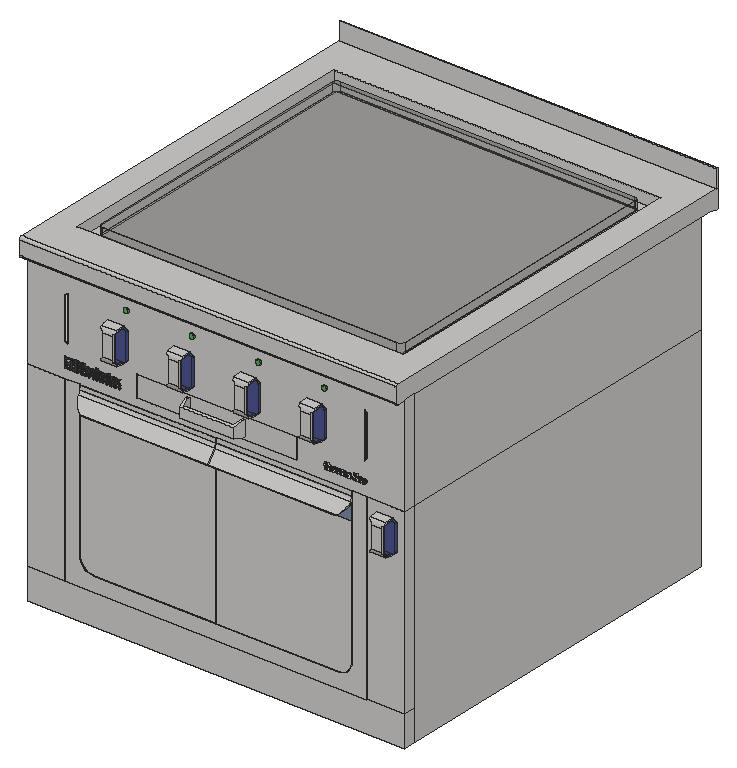
Revit family "QF_ELECTROLUXPROFESSIONAL_588707_MBLUGBH4AO", category Attrezzature speciali, Revit 2020
Family settings
  Quota connettore circolare = Usa diametro
  Tipo di parte = Normale
  Basato su piano di lavoro = No
  Sempre verticale = Sì
  Taglio con vuoti quando caricato = No
  Condiviso = No
  Punto di calcolo locali = No
Parameters (values of type "Standard")
  Weight = 149.00 kg
  Watts = 14300 W
  Volts = 400 V
  URL Manufacturer = "https://www.electroluxprofessional.com/"
  URL = "https://www.electroluxprofessional.com/"
  Steam Supply Size = 0"
  Steam Supply Minimum Pressure = 0.00 psi
  Steam Supply Maximum Pressure = 0.00 psi
  Steam Consumption per Hour = 0
  Refrigeration Suction Line Size = 0 mm
  Refrigeration Liquid Line Size = 0 mm
  Refrigerant Compressor Remote = yes
  Prospetto di default = 0 mm
  Phase = 3
  Modello = "MBLUGBH4AO"
  Produttore = "Electrolux Professional"
  Length Actual = 800 mm  # constant formula
  Item Number = "588707"
  Hot Water Size = 0"
  Height Actual = 700 mm  # constant formula
  HP = "19.2 HP"
  Gas Size = 0"
  Gas KW = 0
  Gas Input Pressure = 0.0 Btu/h
  Direct Waste Size = 0"
  Descrizione = "EL.SOLID T,ECO,WARM.NHC,1S,BS,800X850X7"
  Depth Actual = 850 mm  # constant formula
  Cycle = 50 Hz
  Condensate Return Size = 0"
  Compressed Air Volume = 0 GPM
  Compressed Air Size = 0"
  Compressed Air Pressure = 0.00 psi
  Cold Water Size = 0"
  Accessory = yes
Reference planes
  plane 1 "BACK": y = 50
  plane 2: z = 0
  plane 3 "LEFT": x = 0
  plane 4 "RIGHT": x = 800
  plane 5 "FRONT": y = -800
  plane 6 "TOP": z = 900
  plane 7 "Center (Left/Right)": x = 400
  plane 8: y = -375
  plane 9: z = 200
  plane 10: y = -150
  plane 11 "Panel": y = -755
  plane 12: z = 798
  plane 13: z = 1327
  plane 14: x = 78
  plane 15: x = 722
  plane 16: y = -100
  plane 17: y = -600
  plane 18 "EIx": x = 755
  plane 19 "EIy": y = -585
Forms (mm)
  Extrusion 1, solid, material "QF_Finishes_Stainless Steel"
    sketch origin (-178.969, -4572, 200) x (-1, 0, 0) y (0, -1, 0)
      loop
        line (-178.969, -4577) -> (-178.969, -3817) -> (-978.969, -3817) -> (-978.969, -4577) -> (-178.969, -4577)
    from 450 to 662.969
  Extrusion 2, solid, material "QF_Finishes_Stainless Steel"
    sketch origin (0, 0, 0) x (0, 1, 0) y (0, 0, 1)
      loop
        line (-755, 200) -> (-755, 265) -> (-780, 265) -> (-780, 200) -> (-755, 200)
    from 0 to 800
  Extrusion 3, solid, material "QF_Finishes_Stainless Steel"
    sketch origin (-588.969, -4562, 200) x (-1, 0, 0) y (0, -1, 0)
      loop
        circle (-1343.969, -3977) r 6.35
    from 0 to -11.851
  Extrusion 4, solid, material "QF_Finishes_Stainless Steel"
    sketch origin (400, 296.4, 1219.2) x (0, 1, 0) y (0, 0, 1)
      loop
        line (-246.4, -319.2) -> (-1091.4, -319.2)
        arc (-1091.4, -319.2) -> (-1094.935, -320.664) -> (-1096.4, -324.2) r 5
        line (-1096.4, -324.2) -> (-1096.4, -355.2)
        arc (-1096.4, -355.2) -> (-1094.971, -358.264) -> (-1091.705, -359.139) r 4
        line (-1091.705, -359.139) -> (-1076.4, -356.231) -> (-266.4, -356.231) -> (-251.094, -359.139)
        arc (-251.094, -359.139) -> (-247.829, -358.264) -> (-246.4, -355.2) r 4
        line (-246.4, -355.2) -> (-246.4, -319.2)
    from -400 to 400
  Extrusion 5, solid, material "QF_Finishes_Electrolux_Black Smoke Iluminated"
    sketch origin (0, 0, 900) x (-1, 0, 0) y (0, -1, 0)
      loop
        arc (-88, 59) -> (-80.929, 61.929) -> (-78, 69) r 10
        line (-78, 69) -> (-78, 680)
        arc (-78, 680) -> (-80.929, 687.071) -> (-88, 690) r 10
        line (-88, 690) -> (-712, 690)
        arc (-712, 690) -> (-719.071, 687.071) -> (-722, 680) r 10
        line (-722, 680) -> (-722, 69)
        arc (-722, 69) -> (-719.071, 61.929) -> (-712, 59) r 10
        line (-712, 59) -> (-88, 59)
    from 0 to -20
  Extrusion 6, solid, material "QF_Finishes_Stainless Steel"
    sketch origin (-178.969, -4572, 200) x (-1, 0, 0) y (0, -1, 0)
      loop
        line (-178.969, -4577) -> (-178.969, -3817) -> (-978.969, -3817) -> (-978.969, -4577) -> (-178.969, -4577)
    from 450 to 0
  Extrusion 7, void
    sketch origin (0, 0, 900) x (-1, 0, 0) y (0, -1, 0)
      loop
        line (-53, 715) -> (-747, 715) -> (-747, 34) -> (-53, 34) -> (-53, 715)
    from 0 to -25
  Extrusion 8, solid, material "QF_Finishes_Stainless Steel"
    sketch origin (0, 0, 900) x (-1, 0, 0) y (0, -1, 0)
      loop
        line (-82, 63) -> (-82, 686) -> (-718, 686) -> (-718, 63) -> (-82, 63)
    from -20 to -25
  Extrusion 9, solid, material "QF_Finishes_Stainless Steel"
    sketch origin (400, 297.4, 1219.2) x (0, 1, 0) y (0, 0, 1)
      loop
        line (-249.4, -319.2) -> (-247.4, -319.2) -> (-247.4, -281.2) -> (-249.4, -281.2) -> (-249.4, -319.2)
    from -400 to 400
  Extrusion 10, solid, material "QF_Finishes_Stainless Steel"
    sketch origin (0, 0, 150) x (0, 1, 0) y (0, 0, 1)
      loop
        line (-755, 50) -> (-755, 115) -> (-780, 115) -> (-780, 50) -> (-755, 50)
    from 0 to 800
  Extrusion 11, solid, material "QF_Finishes_Stainless Steel"
    sketch origin (7, -800, 0) x (1, 0, 0) y (0, 0, 1)
      loop
        line (103, 327) -> (103, 650) -> (73, 650) -> (73, 265) -> (713, 265) -> (713, 650) -> (683, 650) -> (683, 327)
        arc (683, 327) -> (673.627, 304.373) -> (651, 295) r 32
        line (651, 295) -> (135, 295)
        arc (135, 295) -> (112.373, 304.373) -> (103, 327) r 32
    from -45 to -20
  Extrusion 12, solid, material "QF_Finishes_Stainless Steel"
    sketch origin (0, -800, 0) x (1, 0, 0) y (0, 0, 1)
      loop
        line (80, 650) -> (0, 650) -> (0, 265) -> (80, 265) -> (80, 650)
      loop
        line (719.787, 650) -> (719.787, 265) -> (800, 265) -> (800, 650) -> (719.787, 650)
    from -20 to -45
Cuts and joins
  Extrusion 7 cuts Extrusion 4
Lines and regions (mm)
  symbolic lines
    curve 1: line (0, 50, 200) -> (800, 50, 200)
    curve 2: line (0, -800, 200) -> (0, 50, 200)
    curve 3: line (800, -800, 200) -> (0, -800, 200)
    curve 4: line (800, 50, 200) -> (800, -800, 200)
    curve 5: line (712, -59, 200) -> (88, -59, 200)
    curve 6: line (78, -69, 200) -> (78, -680, 200)
    curve 7: line (88, -690, 200) -> (712, -690, 200)
    curve 8: line (722, -680, 200) -> (722, -69, 200)
    curve 9: arc (88, -59, 200) -> (80.929, -61.929, 200) -> (78, -69, 200) r 10
    curve 10: arc (722, -69, 200) -> (719.071, -61.929, 200) -> (712, -59, 200) r 10
    curve 11: arc (712, -690, 200) -> (719.071, -687.071, 200) -> (722, -680, 200) r 10
    curve 12: arc (78, -680, 200) -> (80.929, -687.071, 200) -> (88, -690, 200) r 10
    curve 13: line (747, -34, 900) -> (53, -34, 900)
    curve 14: line (53, -34, 900) -> (53, -715, 900)
    curve 15: line (747, -715, 900) -> (747, -34, 900)
    curve 16: line (53, -715, 900) -> (747, -715, 900)
    curve 33: line (0, 48, 0) -> (800, 48, 0)
  model lines, style "SpecialityEquipment"
    curve 17: arc (584, -161, 900) -> (530.967, -289.033, 900) -> (659, -236, 900) r 75
    curve 18: line (639, -236, 900) -> (679, -236, 900)
    curve 19: line (679, -236, 900) -> (659, -216, 900)
    curve 20: line (639, -236, 900) -> (659, -216, 900)
    curve 21: arc (216, -161, 900) -> (162.967, -289.033, 900) -> (291, -236, 900) r 75
    curve 22: line (271, -236, 900) -> (311, -236, 900)
    curve 23: line (311, -236, 900) -> (291, -216, 900)
    curve 24: line (271, -236, 900) -> (291, -216, 900)
    curve 25: arc (584, -489, 900) -> (530.967, -617.033, 900) -> (659, -564, 900) r 75
    curve 26: line (639, -564, 900) -> (679, -564, 900)
    curve 27: line (679, -564, 900) -> (659, -544, 900)
    curve 28: line (639, -564, 900) -> (659, -544, 900)
    curve 29: arc (216, -489, 900) -> (162.967, -617.033, 900) -> (291, -564, 900) r 75
    curve 30: line (271, -564, 900) -> (311, -564, 900)
    curve 31: line (311, -564, 900) -> (291, -544, 900)
    curve 32: line (271, -564, 900) -> (291, -544, 900)
Dimensions and locks
  plane 3 "LEFT" to plane 4 "RIGHT" = 800 mm
  plane 5 "FRONT" to plane 1 "BACK" = 850 mm
  equal spacing: plane 3 "LEFT", plane 7 "Center (Left/Right)", plane 4 "RIGHT"
  equal spacing: plane 5 "FRONT", plane 8, plane 1 "BACK"
  plane 6 "TOP" to level = 900 mm  (x2)
  plane 9 to level = 200 mm
  plane 1 "BACK" to plane 10 to plane 11 "Panel" = 200 mm, 605 mm  (x2)
  plane 6 "TOP" to plane 9 to level = 700 mm, 200 mm
  plane 1 "BACK" to plane 5 "FRONT" = 850 mm
  plane 1 "BACK" to Extrusion 3 = 635 mm
  plane 12 to plane 9 = 598 mm
  plane 13 to plane 6 "TOP" = 427 mm
  plane 6 "TOP" to plane 12 = 102 mm
  plane 14 to plane 3 "LEFT" = 78 mm
  plane 15 to plane 4 "RIGHT" = 78 mm
  locked: plane 1 "BACK" to plane 16 at 150
  locked: plane 16 to plane 17 at 500
  plane 11 "Panel" to plane 5 "FRONT" = 45 mm
  plane 18 "EIx" to plane 4 "RIGHT" = 45 mm
  plane 19 "EIy" to plane 1 "BACK" = 635 mm
  aligned and locked: level to plane 2
  aligned and locked: Extrusion 2 to plane 4 "RIGHT"
  aligned and locked: Extrusion 11 to Extrusion 6
  aligned and locked: Extrusion 12 to Extrusion 6
Automatic sketch dimensions
  Extrusion 3 sketch curve to plane 18 "EIx" = 0 mm
  Extrusion 3 sketch curve to plane 19 "EIy" = 0 mm
  Extrusion 4 sketch curve to plane 5 "FRONT" = 0 mm
  Extrusion 4 sketch curve to plane 6 "TOP" = 0 mm
  Extrusion 4 sketch curve to plane 1 "BACK" = 0 mm
  Extrusion 4 sketch curve to plane 5 "FRONT" = 4 mm
  Extrusion 4 sketch curve to Extrusion 4 sketch curve = 0.695 mm
  Extrusion 4 sketch curve to plane 5 "FRONT" = 5 mm
  Extrusion 4 sketch curve to Extrusion 4 sketch curve = 15.305 mm
  plane 1 "BACK" to Extrusion 4 sketch curve = 20 mm
  plane 1 "BACK" to Extrusion 4 sketch curve = 4.695 mm
  Extrusion 4 sketch curve to Extrusion 4 sketch curve = 4 mm
  Extrusion 4 sketch curve to Extrusion 4 sketch curve = 31 mm
  Extrusion 4 sketch curve to plane 6 "TOP" = 36 mm
  Extrusion 4 sketch curve to Extrusion 4 sketch curve = 2.909 mm
  Extrusion 5 sketch curve to plane 15 = 0 mm
  Extrusion 5 sketch curve to plane 14 = 0 mm
  plane 15 to Extrusion 5 sketch curve = 10 mm  (x2)
  Extrusion 5 sketch curve to Extrusion 5 sketch curve = 10 mm  (x2)
  plane 10 to Extrusion 5 sketch curve = 91 mm
  plane 17 to Extrusion 5 sketch curve = 80 mm
  plane 18 "EIx" to Extrusion 7 sketch curve = 8 mm
  plane 14 to Extrusion 7 sketch curve = 25 mm
  plane 10 to Extrusion 7 sketch curve = 116 mm
  plane 11 "Panel" to Extrusion 7 sketch curve = 40 mm
  Extrusion 8 sketch curve to plane 14 = 4 mm
  plane 15 to Extrusion 8 sketch curve = 4 mm
  plane 17 to Extrusion 8 sketch curve = 86 mm
  plane 10 to Extrusion 8 sketch curve = 87 mm
  curve 20 to curve 17 = 55 mm
  curve 26 to curve 25 = 55 mm
  curve 19 to curve 18 = 20 mm
  curve 26 to curve 27 = 20 mm
  curve 18 to curve 19 = 20 mm
  plane 18 "EIx" to curve 13 = 8 mm
  curve 31 to plane 7 "Center (Left/Right)" = 89 mm
  curve 23 to plane 7 "Center (Left/Right)" = 89 mm
  curve 22 to curve 24 = 20 mm
  curve 30 to curve 31 = 20 mm
  curve 23 to curve 22 = 20 mm
  curve 31 to curve 30 = 20 mm
  curve 22 to curve 21 = 55 mm
  curve 30 to curve 29 = 55 mm
  plane 14 to curve 14 = 25 mm
  plane 10 to curve 13 = 116 mm
  plane 11 "Panel" to curve 16 = 40 mm
  curve 29 to curve 30 = 20 mm
  curve 27 to curve 26 = 40 mm
  curve 25 to curve 26 = 20 mm
  plane 15 to curve 19 = 43 mm
  curve 17 to curve 18 = 20 mm
  curve 21 to curve 22 = 20 mm
  plane 19 "EIy" to curve 27 = 21 mm
  plane 15 to curve 27 = 43 mm
  curve 23 to plane 10 = 66 mm
  curve 19 to plane 10 = 66 mm
  plane 19 "EIy" to curve 32 = 41 mm
  Extrusion 1 sketch curve to plane 4 "RIGHT" = 0 mm
  Extrusion 1 sketch curve to plane 3 "LEFT" = 0 mm
  Extrusion 1 sketch curve to plane 11 "Panel" = 0 mm
  plane 1 "BACK" to Extrusion 1 sketch curve = 45 mm
  Extrusion 2 sketch curve to plane 9 = 0 mm
  Extrusion 2 sketch curve to plane 11 "Panel" = 0 mm
  Extrusion 2 sketch curve to plane 5 "FRONT" = 20 mm
  plane 9 to Extrusion 2 sketch curve = 65 mm
  plane 1 "BACK" to curve 1 = 0 mm
  curve 1 to plane 4 "RIGHT" = 0 mm
  curve 8 to plane 15 = 0 mm
  curve 6 to plane 14 = 0 mm
  curve 2 to plane 3 "LEFT" = 0 mm
  plane 5 "FRONT" to curve 3 = 0 mm
  plane 15 to curve 5 = 10 mm
  curve 11 to curve 11 = 10 mm
  curve 5 to plane 14 = 10 mm
  curve 12 to curve 6 = 10 mm
  plane 10 to curve 5 = 91 mm
  plane 17 to curve 11 = 80 mm
  Extrusion 6 sketch curve to plane 4 "RIGHT" = 0 mm
  Extrusion 6 sketch curve to plane 3 "LEFT" = 0 mm
  Extrusion 6 sketch curve to plane 11 "Panel" = 0 mm
  plane 1 "BACK" to Extrusion 6 sketch curve = 45 mm
  Extrusion 10 sketch curve to plane 11 "Panel" = 0 mm
  Extrusion 10 sketch curve to plane 5 "FRONT" = 20 mm
  plane 9 to Extrusion 10 sketch curve = 0 mm
  Extrusion 10 sketch curve to Extrusion 10 sketch curve = 65 mm
  Extrusion 11 sketch curve to plane 14 = 2 mm
  Extrusion 11 sketch curve to plane 14 = 32 mm
  Extrusion 11 sketch curve to Extrusion 11 sketch curve = 32 mm
  plane 15 to Extrusion 11 sketch curve = 32 mm
  plane 15 to Extrusion 11 sketch curve = 2 mm
  plane 9 to Extrusion 11 sketch curve = 65 mm
  Extrusion 11 sketch curve to Extrusion 11 sketch curve = 62 mm  (x2)
  Extrusion 11 sketch curve to plane 12 = 148 mm  (x2)
  Extrusion 12 sketch curve to plane 3 "LEFT" = 0 mm
  plane 4 "RIGHT" to Extrusion 12 sketch curve = 0 mm
  Extrusion 12 sketch curve to plane 14 = 2 mm
  plane 15 to Extrusion 12 sketch curve = 2.213 mm
  plane 9 to Extrusion 12 sketch curve = 65 mm  (x2)
  Extrusion 12 sketch curve to plane 12 = 148 mm  (x2)
  Extrusion 9 sketch curve to plane 6 "TOP" = 0 mm
  Extrusion 9 sketch curve to plane 1 "BACK" = 0 mm
  plane 1 "BACK" to Extrusion 9 sketch curve = 2 mm
  plane 6 "TOP" to Extrusion 9 sketch curve = 38 mm
  radius of Extrusion 3 sketch curve = 6.35 mm
Nested families
  nested 1: "FIT Range Control Handle" at (760, -783.167, -372.751), type "FIT Range Control Handle"
  nested 2: "Front_Panel_W800_Four Knobs_Spie" at (202.376, -755, 0), type "Front_Panel_W800_Four Knobs_Spie"
  nested 3: "H450H2_2DOOR" at (363.958, -755, 200) x (1, 0, 0) z (0, -1, 0), type "H450H2_2DOOR"
    with Width 580 mm, Wdoor 290 mm, Show Clearance yes
  nested 4: "Warm" at (800, -800, 0), type "Warm"
Connectors
  electrical at (755, -585, 188.149)
    settings: on Extrusion 3, index 1, voltage 400 V, apparent load 33000 VA, apparent load phase1 0 VA, apparent load phase2 0 VA, apparent load phase3 0 VA, power factor 1, load classification "Other", number of poles 1, system type 30, power factor state 1, is connector primary yes, connector utility no, sub classification motor no, connector description "ELECTRICAL CONNECTION"
Definition of nested family "FIT Range Control Handle"
  Parameters
    Default Elevation = 0 mm
  Reference planes
    plane 1 "Center (Front/Back)": y = 0
    plane 2: z = 0
    plane 3 "Center (Left/Right)": x = 0
    plane 4: z = 971.092
    plane 5: y = -16.8
  Forms (mm)
    Extrusion 1, solid
      sketch origin (-746.28, 380.497, 208.931) x (-1, 0, 0) y (0, 0, 1)
        loop
          line (-770.101, 786.798) -> (-770.101, 731.649)
          arc (-770.101, 731.649) -> (-769.759, 730.563) -> (-768.855, 729.87) r 1.893
          line (-768.855, 729.87) -> (-763.474, 727.911) -> (-729.81, 727.911) -> (-724.428, 729.87)
          arc (-724.428, 729.87) -> (-723.525, 730.563) -> (-723.183, 731.649) r 1.893
          line (-723.183, 731.649) -> (-723.183, 786.798)
          arc (-723.183, 786.798) -> (-723.529, 787.894) -> (-724.44, 788.593) r 1.91
          line (-724.44, 788.593) -> (-729.683, 790.819) -> (-763.601, 790.819) -> (-768.844, 788.593)
          arc (-768.844, 788.593) -> (-769.755, 787.894) -> (-770.101, 786.798) r 1.91
      from -382.35 to -378.852
    Sweep 2, solid
      path origin (-746.788, 380.496, 208.091) x (0, -1, 0) y (0, 0, 1)
        loop
          line (379.775, 793.281) -> (395.661, 791.048)
          arc (395.661, 791.048) -> (397.781, 787.377) -> (398.517, 783.202) r 12.207
          line (398.517, 783.202) -> (398.517, 737.368)
          arc (398.517, 737.368) -> (397.781, 733.193) -> (395.661, 729.522) r 12.207
          line (395.661, 729.522) -> (379.775, 727.289)
      profile origin (-746.788, -7.222, 1000.256) x (0, -0.139173, 0.990268) y (-1, 0, 0)
        loop
          line (0.782, -763.123) -> (0.782, -730.907) -> (-1.322, -730.907) -> (-1.322, -763.123) -> (0.782, -763.123)
    Sweep 3, solid
      path origin (-746.788, 380.715, 207.832) x (0, -1, 0) y (0, 0, 1)
        loop
          line (380.478, 795.442) -> (397.218, 793.09)
          arc (397.218, 793.09) -> (399.929, 788.473) -> (400.871, 783.202) r 15.207
          line (400.871, 783.202) -> (400.871, 737.584)
          arc (400.871, 737.584) -> (399.914, 732.274) -> (397.164, 727.633) r 15.207
          line (397.164, 727.633) -> (380.601, 725.305)
      profile origin (-746.788, -8.132, 1002.099) x (0, -0.139173, 0.990268) y (-1, 0, 0)
        loop
          line (0.782, -763.123) -> (0.782, -730.907) -> (-1.322, -730.907) -> (-1.322, -763.123) -> (0.782, -763.123)
    Extrusion 4, void
      sketch origin (889.253, 220.666, 207.993) x (1, 0, 0) y (0, 0, 1)
        loop
          line (-943.038, 816.854) -> (-943.038, 703.686) -> (-899.466, 734.196) -> (-899.466, 786.344) -> (-943.038, 816.854)
      from 230.636 to 242.25
    Extrusion 5, void
      sketch origin (-888.8, 220.666, 207.993) x (-1, 0, 0) y (0, 0, -1)
        loop
          line (-943.038, -816.854) -> (-899.466, -786.344) -> (-899.466, -734.196) -> (-943.038, -703.686) -> (-943.038, -816.854)
      from 230.636 to 242.25
    Extrusion 6, solid
      sketch origin (0, 0, 0) x (1, 0, 0) y (0, 0, 1)
        loop
          circle (0, 971.092) r 7.736
      from -3.137 to -1.645
  Cuts and joins
    Extrusion 4, Extrusion 5 cuts Sweep 3
    Extrusion 4, Extrusion 5 cuts Sweep 2
    joined: Extrusion 1, Extrusion 6
  Lines and regions (mm)
    symbolic lines
      curve 1: line (-15.881, -19.189, 0) -> (-15.881, -16.8, 0)
      curve 2: line (16.334, -19.189, 0) -> (16.334, -16.8, 0)
      curve 3: spline (-15.881, -19.189, 0) -> (-15.417, -19.349, 0) -> (-14.951, -19.501, 0) -> (-14.483, -19.646, 0) -> (-14.014, -19.783, 0) -> (-13.543, -19.912, 0) -> (-13.071, -20.033, 0) -> (-12.597, -20.146, 0) -> (-12.122, -20.251, 0) -> (-11.646, -20.349, 0) -> (-11.169, -20.438, 0) -> (-10.691, -20.52, 0) -> (-10.213, -20.593, 0)
      curve 4: spline (10.666, -20.593, 0) -> (11.144, -20.52, 0) -> (11.622, -20.438, 0) -> (12.099, -20.349, 0) -> (12.575, -20.251, 0) -> (13.05, -20.146, 0) -> (13.524, -20.033, 0) -> (13.996, -19.912, 0) -> (14.467, -19.783, 0) -> (14.936, -19.646, 0) -> (15.404, -19.501, 0) -> (15.87, -19.349, 0) -> (16.334, -19.189, 0)
      curve 5: line (-10.213, -20.938, 0) -> (10.716, -20.938, 0)
  Dimensions and locks
    cut or joined group of Sweep 3, Extrusion 4, Extrusion 5 to cut or joined group of Sweep 3, Extrusion 4, Extrusion 5 = 71.686 mm
Definition of nested family "Front_Panel_W800_Four Knobs_Spie"
  Parameters
    Default Elevation = 0 mm
  Reference planes
    plane 1 "Center (Front/Back)": y = 0
    plane 2: z = 0
    plane 3 "Center (Left/Right)": x = 197.624
    plane 4 "Left": x = -202.376
    plane 5 "Right": x = 597.624
    plane 6: y = -45
    plane 7: x = -12.376
    plane 8: x = 127.624
    plane 9: y = -310
    plane 10 "Panel": y = -25
    plane 11: x = 517.624
    plane 12: x = -122.376
  Forms (mm)
    Extrusion 1, solid
      sketch origin (833.217, 829.203, -1.25) x (0, 1, 0) y (0, 0, 1)
        loop
          line (-854.203, 651.25) -> (-829.203, 651.25) -> (-829.203, 864.25) -> (-854.203, 864.25) -> (-854.203, 651.25)
      from -1035.593 to -235.593
    Extrusion 2, void
      sketch origin (0, -25, -10) x (0, 0, 1) y (-1, 0, 0)
        loop
          line (731.866, 122.376) -> (726.866, 117.376) -> (823.866, 117.376) -> (818.866, 122.376) -> (731.866, 122.376)
        loop
          line (731.866, -517.624) -> (818.866, -517.624) -> (823.866, -512.624) -> (726.866, -512.624) -> (731.866, -517.624)
      from 0 to -2
    Extrusion 3, void
      sketch origin (0, 0, 0) x (1, 0, 0) y (0, 0, 1)
        loop
          line (30.124, 711.866) -> (30.124, 666.866) -> (370.124, 666.866) -> (370.124, 711.866) -> (30.124, 711.866)
      from 19.387 to 25
    Extrusion 4, solid
      sketch origin (0, 0, 0) x (1, 0, 0) y (0, 0, 1)
        loop
          line (31.124, 710.866) -> (31.124, 667.866) -> (369.124, 667.866) -> (369.124, 710.866) -> (31.124, 710.866)
      from 19.387 to 25
    Extrusion 5, solid
      sketch origin (0, 0, 0) x (1, 0, 0) y (0, 1, 0)
        loop
          line (141.059, -25) -> (135.966, -25) -> (140.646, -49.075) -> (254.603, -49.075) -> (259.283, -25) -> (254.189, -25) -> (250.481, -44.075) -> (144.767, -44.075) -> (141.059, -25)
      from 672.593 to 705.67
    Extrusion 6, void
      sketch origin (197.624, 0, 0) x (0, 1, 0) y (0, 0, 1)
        loop
          line (-30, 705.67) -> (-30, 710.67) -> (-56.744, 710.67) -> (-56.744, 667.593) -> (-30, 667.593) -> (-30, 672.593) -> (-53.776, 680.318) -> (-53.776, 697.945) -> (-30, 705.67)
      from -70 to 70
    Extrusion 7, solid, detail levels coarse
      sketch origin (0, -265, 0) x (1, 0, 0) y (0, 1, 0)
        loop
          line (140.646, -69.075) -> (254.603, -69.075) -> (259.283, -45) -> (364.124, -45) -> (364.124, 240) -> (31.124, 240) -> (31.124, -45) -> (135.966, -45) -> (140.646, -69.075)
      from 672.593 to 705.67
    Extrusion 8, void
      sketch origin (197.624, -280, 0) x (0, 1, 0) y (0, 0, 1)
        loop
          line (-30, 705.67) -> (-30, 710.67) -> (-56.744, 710.67) -> (-56.744, 667.593) -> (-30, 667.593) -> (-30, 672.593) -> (-53.776, 680.318) -> (-53.776, 697.945) -> (-30, 705.67)
      from -70 to 70
    Extrusion 9, solid
      sketch origin (20, -25, 1.163) x (0, 0, 1) y (-1, 0, 0)
        loop
          circle (824.337, 12.376) r 5
      from 0 to 1.7
    Extrusion 10, solid
      sketch origin (160, -25, 1.163) x (0, 0, 1) y (-1, 0, 0)
        loop
          circle (824.337, 12.376) r 5
      from 0 to 1.7
    Extrusion 11, solid
      sketch origin (300.724, -25, 1.163) x (0, 0, 1) y (-1, 0, 0)
        loop
          circle (824.337, 12.376) r 5
      from 0 to 1.7
    Extrusion 12, solid
      sketch origin (440.724, -25, 1.163) x (0, 0, 1) y (-1, 0, 0)
        loop
          circle (824.337, 12.376) r 5
      from 0 to 1.7
    Extrusion 13, solid
      sketch origin (0, -25, -10) x (0, 0, 1) y (-1, 0, 0)
        loop
          line (731.866, 122.376) -> (726.866, 117.376) -> (823.866, 117.376) -> (818.866, 122.376) -> (731.866, 122.376)
        loop
          line (726.866, -512.624) -> (731.866, -517.624) -> (818.866, -517.624) -> (823.866, -512.624) -> (726.866, -512.624)
      from 0 to -2
  Cuts and joins
    Extrusion 2, Extrusion 3 cuts Extrusion 1
    Extrusion 6, Extrusion 8 cuts Extrusion 5
    Extrusion 8 cuts Extrusion 7
  Lines and regions (mm)
    symbolic lines
      curve 1: line (31.124, -45, 0) -> (31.124, -310, 0)
      curve 2: line (31.124, -310, 0) -> (364.124, -310, 0)
      curve 3: line (135.966, -310, 0) -> (140.646, -334.075, 0)
      curve 4: line (140.646, -334.075, 0) -> (254.603, -334.075, 0)
      curve 5: line (254.603, -334.075, 0) -> (259.283, -310, 0)
      curve 6: line (364.124, -310, 0) -> (364.124, -45, 0)
      curve 7: line (31.124, -300, 0) -> (364.124, -300, 0)
      curve 8: line (140.874, -309.046, 0) -> (144.767, -329.075, 0)
      curve 9: line (144.767, -329.075, 0) -> (250.481, -329.075, 0)
      curve 10: line (250.481, -329.075, 0) -> (254.375, -309.046, 0)
  Dimensions and locks
    equal spacing: plane 5 "Right", plane 3 "Center (Left/Right)", plane 4 "Left"
    plane 5 "Right" to plane 4 "Left" = 800 mm
    plane 3 "Center (Left/Right)" to plane 7 = 210 mm
    plane 3 "Center (Left/Right)" to plane 8 = 70 mm
    plane 6 to plane 9 = 265 mm
    aligned and locked: cut or joined group of Extrusion 1, Extrusion 2, Extrusion 3 to plane 4 "Left"
    aligned and locked: plane 5 "Right" to cut or joined group of Extrusion 1, Extrusion 2, Extrusion 3
  Automatic sketch dimensions
    plane 6 to curve 1 = 0 mm
    curve 1 to plane 9 = 0 mm
    plane 6 to curve 6 = 0 mm
    plane 7 to curve 1 = 43.5 mm
    plane 8 to curve 3 = 13.021 mm
    curve 3 to curve 8 = 4.122 mm
    curve 10 to plane 9 = 19.075 mm
    plane 3 "Center (Left/Right)" to curve 10 = 52.857 mm
    curve 5 to plane 9 = 24.075 mm
    curve 9 to curve 5 = 4.122 mm
    curve 4 to curve 2 = 109.521 mm
    plane 8 to curve 3 = 8.342 mm
    plane 9 to curve 8 = 0.954 mm
    curve 3 to curve 8 = 4.908 mm
    plane 9 to curve 10 = 0.954 mm
    curve 9 to curve 10 = 3.893 mm
    curve 10 to curve 5 = 4.908 mm
    plane 9 to curve 7 = 10 mm
    Extrusion 1 sketch curve to plane 10 "Panel" = 0 mm
    Extrusion 1 sketch curve to plane 1 "Center (Front/Back)" = 0 mm
    Extrusion 2 sketch curve to plane 12 = 0 mm
    Extrusion 2 sketch curve to plane 11 = 0 mm
    Extrusion 2 sketch curve to plane 11 = 5 mm
    plane 12 to Extrusion 2 sketch curve = 5 mm
    Extrusion 2 sketch curve to Extrusion 2 sketch curve = 5 mm  (x4)
    plane 7 to Extrusion 3 sketch curve = 42.5 mm
    Extrusion 3 sketch curve to plane 11 = 147.5 mm
    Extrusion 3 sketch curve to Extrusion 3 sketch curve = 45 mm
    plane 7 to Extrusion 4 sketch curve = 43.5 mm
    Extrusion 4 sketch curve to plane 11 = 148.5 mm
    Extrusion 4 sketch curve to Extrusion 4 sketch curve = 43 mm
    plane 10 "Panel" to Extrusion 5 sketch curve = 0 mm  (x2)
    plane 8 to Extrusion 5 sketch curve = 8.342 mm
    plane 6 to Extrusion 5 sketch curve = 4.075 mm
    plane 8 to Extrusion 5 sketch curve = 13.021 mm
    Extrusion 5 sketch curve to Extrusion 5 sketch curve = 5.094 mm  (x2)
    Extrusion 5 sketch curve to plane 6 = 0.925 mm
    Extrusion 5 sketch curve to Extrusion 5 sketch curve = 4.122 mm  (x2)
    plane 3 "Center (Left/Right)" to Extrusion 5 sketch curve = 52.857 mm
    Extrusion 5 sketch curve to Extrusion 5 sketch curve = 3.708 mm
    plane 6 to Extrusion 6 sketch curve = 11.744 mm
    plane 6 to Extrusion 6 sketch curve = 8.776 mm
    plane 10 "Panel" to Extrusion 6 sketch curve = 5 mm  (x2)
    Extrusion 6 sketch curve to Extrusion 6 sketch curve = 5 mm
    Extrusion 6 sketch curve to Extrusion 6 sketch curve = 12.725 mm  (x2)
    Extrusion 6 sketch curve to Extrusion 6 sketch curve = 17.627 mm
    Extrusion 6 sketch curve to Extrusion 6 sketch curve = 7.725 mm
    plane 10 "Panel" to Extrusion 7 sketch curve = 0 mm
    Extrusion 7 sketch curve to plane 9 = 0 mm  (x2)
    plane 7 to Extrusion 7 sketch curve = 43.5 mm
    plane 8 to Extrusion 7 sketch curve = 8.342 mm
    plane 8 to Extrusion 7 sketch curve = 13.021 mm
    Extrusion 7 sketch curve to plane 9 = 24.075 mm
    plane 3 "Center (Left/Right)" to Extrusion 7 sketch curve = 56.979 mm
    Extrusion 7 sketch curve to Extrusion 7 sketch curve = 4.68 mm
    Extrusion 7 sketch curve to Extrusion 7 sketch curve = 104.842 mm
    Extrusion 8 sketch curve to plane 9 = 26.744 mm
    Extrusion 8 sketch curve to plane 9 = 23.776 mm
    plane 9 to Extrusion 8 sketch curve = 0 mm  (x2)
    Extrusion 8 sketch curve to Extrusion 8 sketch curve = 5 mm
    Extrusion 8 sketch curve to Extrusion 8 sketch curve = 12.725 mm  (x2)
    Extrusion 8 sketch curve to Extrusion 8 sketch curve = 17.627 mm
    Extrusion 8 sketch curve to Extrusion 8 sketch curve = 7.725 mm
    plane 7 to Extrusion 9 sketch curve = 20 mm
    plane 8 to Extrusion 10 sketch curve = 20 mm
    plane 3 "Center (Left/Right)" to Extrusion 11 sketch curve = 90.724 mm
    Extrusion 12 sketch curve to plane 11 = 89.276 mm
    Extrusion 13 sketch curve to plane 12 = 0 mm
    Extrusion 13 sketch curve to plane 11 = 0 mm
    plane 12 to Extrusion 13 sketch curve = 5 mm
    Extrusion 13 sketch curve to Extrusion 13 sketch curve = 5 mm  (x4)
    Extrusion 13 sketch curve to plane 11 = 5 mm
    level to Extrusion 1 sketch curve = 650 mm
    Extrusion 1 sketch curve to Extrusion 1 sketch curve = 213 mm
    level to Extrusion 2 sketch curve = 716.866 mm
    Extrusion 2 sketch curve to Extrusion 2 sketch curve = 0 mm
    Extrusion 2 sketch curve to Extrusion 2 sketch curve = 87 mm  (x2)
    level to Extrusion 3 sketch curve = 666.866 mm
    level to Extrusion 4 sketch curve = 667.866 mm
    level to Extrusion 6 sketch curve = 667.593 mm
    level to Extrusion 8 sketch curve = 667.593 mm
    level to Extrusion 9 sketch curve = 825.5 mm
    level to Extrusion 10 sketch curve = 825.5 mm
    level to Extrusion 11 sketch curve = 825.5 mm
    level to Extrusion 12 sketch curve = 825.5 mm
    level to Extrusion 13 sketch curve = 716.866 mm
    Extrusion 13 sketch curve to Extrusion 13 sketch curve = 0 mm
    Extrusion 13 sketch curve to Extrusion 13 sketch curve = 87 mm  (x2)
    radius of Extrusion 9 sketch curve = 5 mm
    radius of Extrusion 10 sketch curve = 5 mm
    radius of Extrusion 11 sketch curve = 5 mm
    radius of Extrusion 12 sketch curve = 5 mm
  Nested families
    nested 1: "Range Control Handle" at (-12.376, -28.137, -209.113) x (-1, 0, 0) z (0, 0, 1), type "Range Control Handle"
    nested 2: "Range Control Handle" at (127.624, -28.137, -209.113) x (-1, 0, 0) z (0, 0, 1), type "Range Control Handle"
    nested 3: "Range Control Handle" at (407.624, -28.137, -209.113), type "Range Control Handle"
    nested 4: "Range Control Handle" at (267.624, -28.137, -209.113), type "Range Control Handle"
    nested 5: "ELX_ThermaLine_Small" at (468.838, -25, 679.426) x (1, 0, 0) z (0, -1, 0), type "ELX_ThermaLine_Small"
      with Show Logo yes, Material_Logo none
    nested 6: "ELX_Professional_Logo_Small" at (-62.89, -25, 681.659) x (1, 0, 0) z (0, -1, 0), type "ELX_Professional_Logo_Small"
      with Show Logo yes, Material_Logo none
  Definition of nested family "Range Control Handle"
    Parameters
      Default Elevation = 0 mm
    Reference planes
      plane 1 "Center (Front/Back)": y = 0
      plane 2: z = 0
      plane 3 "Center (Left/Right)": x = 0
      plane 4: z = 971.092
      plane 5: y = -16.9
    Forms (mm)
      Extrusion 1, solid
        sketch origin (-746.28, 380.497, 208.931) x (-1, 0, 0) y (0, 0, 1)
          loop
            line (-770.101, 786.798) -> (-770.101, 731.649)
            arc (-770.101, 731.649) -> (-769.759, 730.563) -> (-768.855, 729.87) r 1.893
            line (-768.855, 729.87) -> (-763.474, 727.911) -> (-729.81, 727.911) -> (-724.428, 729.87)
            arc (-724.428, 729.87) -> (-723.525, 730.563) -> (-723.183, 731.649) r 1.893
            line (-723.183, 731.649) -> (-723.183, 786.798)
            arc (-723.183, 786.798) -> (-723.529, 787.894) -> (-724.44, 788.593) r 1.91
            line (-724.44, 788.593) -> (-729.683, 790.819) -> (-763.601, 790.819) -> (-768.844, 788.593)
            arc (-768.844, 788.593) -> (-769.755, 787.894) -> (-770.101, 786.798) r 1.91
        from -382.35 to -378.852
      Sweep 2, solid
        path origin (-746.788, 380.496, 208.091) x (0, -1, 0) y (0, 0, 1)
          loop
            line (379.775, 793.281) -> (395.661, 791.048)
            arc (395.661, 791.048) -> (397.781, 787.377) -> (398.517, 783.202) r 12.207
            line (398.517, 783.202) -> (398.517, 737.368)
            arc (398.517, 737.368) -> (397.781, 733.193) -> (395.661, 729.522) r 12.207
            line (395.661, 729.522) -> (379.775, 727.289)
        profile origin (-746.788, -7.222, 1000.256) x (0, -0.139173, 0.990268) y (-1, 0, 0)
          loop
            line (0.782, -763.123) -> (0.782, -730.907) -> (-1.322, -730.907) -> (-1.322, -763.123) -> (0.782, -763.123)
      Sweep 3, solid
        path origin (-746.788, 380.715, 207.832) x (0, -1, 0) y (0, 0, 1)
          loop
            line (380.478, 795.442) -> (397.218, 793.09)
            arc (397.218, 793.09) -> (399.929, 788.473) -> (400.871, 783.202) r 15.207
            line (400.871, 783.202) -> (400.871, 737.584)
            arc (400.871, 737.584) -> (399.914, 732.274) -> (397.164, 727.633) r 15.207
            line (397.164, 727.633) -> (380.601, 725.305)
        profile origin (-746.788, -8.132, 1002.099) x (0, -0.139173, 0.990268) y (-1, 0, 0)
          loop
            line (0.782, -763.123) -> (0.782, -730.907) -> (-1.322, -730.907) -> (-1.322, -763.123) -> (0.782, -763.123)
      Extrusion 4, void
        sketch origin (889.253, 220.666, 207.993) x (1, 0, 0) y (0, 0, 1)
          loop
            line (-943.038, 816.854) -> (-943.038, 703.686) -> (-899.466, 734.196) -> (-899.466, 786.344) -> (-943.038, 816.854)
        from 230.636 to 242.25
      Extrusion 5, void
        sketch origin (-888.8, 220.666, 207.993) x (-1, 0, 0) y (0, 0, -1)
          loop
            line (-943.038, -816.854) -> (-899.466, -786.344) -> (-899.466, -734.196) -> (-943.038, -703.686) -> (-943.038, -816.854)
        from 230.636 to 242.25
      Extrusion 6, solid
        sketch origin (0, 0, 0) x (1, 0, 0) y (0, 0, 1)
          loop
            circle (0, 971.092) r 7.736
        from -3.137 to -1.645
    Cuts and joins
      Extrusion 4, Extrusion 5 cuts Sweep 3
      Extrusion 4, Extrusion 5 cuts Sweep 2
      joined: Extrusion 1, Extrusion 6
    Lines and regions (mm)
      symbolic lines
        curve 1: line (16.334, -16.9, 0) -> (16.334, -19.227, 0)
        curve 2: spline (16.334, -19.227, 0) -> (15.87, -19.385, 0) -> (15.404, -19.536, 0) -> (14.936, -19.678, 0) -> (14.466, -19.813, 0) -> (13.995, -19.94, 0) -> (13.523, -20.059, 0) -> (13.049, -20.171, 0) -> (12.575, -20.274, 0) -> (12.099, -20.37, 0) -> (11.622, -20.458, 0) -> (11.144, -20.537, 0) -> (10.666, -20.609, 0)
        curve 3: line (10.666, -16.9, 0) -> (10.666, -20.938, 0)
        curve 4: line (-10.213, -20.938, 0) -> (10.666, -20.938, 0)
        curve 5: line (-10.213, -20.938, 0) -> (-10.213, -16.9, 0)
        curve 6: spline (-10.213, -20.609, 0) -> (-10.691, -20.537, 0) -> (-11.169, -20.458, 0) -> (-11.646, -20.37, 0) -> (-12.122, -20.274, 0) -> (-12.597, -20.171, 0) -> (-13.07, -20.059, 0) -> (-13.542, -19.94, 0) -> (-14.013, -19.813, 0) -> (-14.483, -19.678, 0) -> (-14.951, -19.536, 0) -> (-15.417, -19.385, 0) -> (-15.881, -19.227, 0)
        curve 7: line (-15.881, -19.227, 0) -> (-15.881, -16.9, 0)
  Definition of nested family "ELX_ThermaLine_Small"
    Parameters
      Show Logo [instance] = yes
      Material_Logo [instance] = none
      Default Elevation = 0 mm
    Reference planes
      plane 1 "Centro (Fronte/Retro)": y = 0
      plane 2: z = 0
      plane 3 "Centro (Sinistra/Destra)": x = 0
    Forms (mm)
      Extrusion 1, solid
        sketch origin (0, 0, 0) x (1, 0, 0) y (0, 1, 0)
          loop
            line (-1219.2, 1219.2) -> (-1219.2, -1219.2) -> (1219.2, -1219.2) -> (1219.2, 1219.2) -> (-1219.2, 1219.2)
        from 0 to -304.8
      Extrusion 2, solid
        sketch origin (0, 0, 0) x (1, 0, 0) y (0, 1, 0)
          loop
            line (-37.494, 1.229) -> (-35.908, 1.229) -> (-35.908, 3.066) -> (-37.494, 3.066) -> (-37.494, 6.221) -> (-39.867, 4.881) -> (-39.867, 3.066) -> (-40.969, 3.066) -> (-40.969, 1.229) -> (-39.867, 1.229) -> (-39.867, -3.407)
            arc (-39.867, -3.407) -> (-38.982, -5.513) -> (-36.751, -6.001) r 2.478
            line (-36.751, -6.001) -> (-35.638, -5.7) -> (-35.9, -3.835) -> (-36.661, -4.039)
            arc (-36.661, -4.039) -> (-37.236, -3.924) -> (-37.494, -3.399) r 0.662
            line (-37.494, -3.399) -> (-37.494, 1.229)
          loop
            line (-34.242, 6.539) -> (-34.242, -5.848) -> (-31.854, -5.848) -> (-31.854, -0.078)
            arc (-31.854, -0.078) -> (-30.939, 1.249) -> (-29.33, 1.367) r 1.866
            arc (-29.33, 1.367) -> (-28.695, 0.768) -> (-28.461, -0.073) r 1.627
            line (-28.461, -0.073) -> (-28.461, -5.848) -> (-26.086, -5.848) -> (-26.064, -0.46)
            arc (-26.064, -0.46) -> (-26.261, 0.932) -> (-26.786, 2.237) r 5.825
            arc (-26.786, 2.237) -> (-29.381, 3.264) -> (-31.854, 1.971) r 3.353
            line (-31.854, 1.971) -> (-31.854, 6.539) -> (-34.242, 6.539)
          loop
            arc (-18.398, -0.598) -> (-18.893, 0.879) -> (-20.326, 1.487) r 1.897
            arc (-20.326, 1.487) -> (-21.461, 0.708) -> (-21.897, -0.598) r 2.164
            line (-21.897, -0.598) -> (-18.398, -0.598)
          loop
            arc (-16.021, -2.044) -> (-16.754, 1.227) -> (-19.444, 3.226) r 4.814
            arc (-19.444, 3.226) -> (-22.137, 2.788) -> (-23.943, 0.743) r 4.054
            arc (-23.943, 0.743) -> (-24.382, -1.249) -> (-24.162, -3.276) r 6.289
            arc (-24.162, -3.276) -> (-23.302, -4.71) -> (-21.958, -5.705) r 4.28
            arc (-21.958, -5.705) -> (-18.558, -5.814) -> (-16.152, -3.409) r 4.28
            line (-16.152, -3.409) -> (-18.5, -2.995)
            arc (-18.5, -2.995) -> (-19.273, -3.994) -> (-20.533, -4.076) r 1.536
            arc (-20.533, -4.076) -> (-21.56, -3.281) -> (-21.958, -2.044) r 2.197
            line (-21.958, -2.044) -> (-16.021, -2.044)
          loop
            line (-14.165, -5.848) -> (-11.819, -5.848) -> (-11.819, -2.138)
            arc (-11.819, -2.138) -> (-11.787, -1.156) -> (-11.637, -0.185) r 8.18
            arc (-11.637, -0.185) -> (-10.644, 0.972) -> (-9.132, 0.776) r 1.603
            line (-9.132, 0.776) -> (-8.419, 2.846)
            arc (-8.419, 2.846) -> (-10.432, 3.118) -> (-11.994, 1.821) r 2.527
            line (-11.994, 1.821) -> (-11.994, 3.094) -> (-14.165, 3.094) -> (-14.165, -5.848)
          loop
            line (-7.579, 3.094) -> (-7.579, -5.848) -> (-5.178, -5.848) -> (-5.178, -0.756)
            arc (-5.178, -0.756) -> (-4.727, 0.679) -> (-3.417, 1.419) r 2.05
            arc (-3.417, 1.419) -> (-2.499, 0.908) -> (-2.155, -0.085) r 1.471
            line (-2.155, -0.085) -> (-2.155, -5.848) -> (0.23, -5.848) -> (0.23, -1.001)
            arc (0.23, -1.001) -> (0.47, 0.127) -> (1.148, 1.061) r 2.775
            arc (1.148, 1.061) -> (2.225, 1.329) -> (3.05, 0.587) r 1.182
            arc (3.05, 0.587) -> (3.199, -0.019) -> (3.214, -0.642) r 2.894
            line (3.214, -0.642) -> (3.214, -5.848) -> (5.601, -5.848) -> (5.601, 0.261)
            arc (5.601, 0.261) -> (4.87, 2.263) -> (2.976, 3.241) r 2.932
            arc (2.976, 3.241) -> (1.284, 2.973) -> (-0.047, 1.896) r 3.309
            arc (-0.047, 1.896) -> (-1.116, 2.865) -> (-2.506, 3.258) r 3.16
            arc (-2.506, 3.258) -> (-4.105, 2.942) -> (-5.376, 1.92) r 3.419
            line (-5.376, 1.92) -> (-5.376, 3.094) -> (-7.579, 3.094)
          loop
            line (7.583, 0.738) -> (9.702, 0.364)
            arc (9.702, 0.364) -> (11.441, 1.492) -> (12.855, -0.023) r 1.613
            line (12.855, -0.023) -> (9.782, -0.789)
            arc (9.782, -0.789) -> (8.559, -1.346) -> (7.617, -2.305) r 3.687
            arc (7.617, -2.305) -> (7.499, -3.681) -> (7.901, -5.003) r 3.651
            arc (7.901, -5.003) -> (9.107, -5.766) -> (10.515, -6.006) r 3.635
            arc (10.515, -6.006) -> (11.898, -5.697) -> (13.067, -4.895) r 3.734
            line (13.067, -4.895) -> (13.376, -5.848) -> (15.75, -5.848) -> (15.212, -4.193) -> (15.212, 0.38)
            arc (15.212, 0.38) -> (14.897, 1.849) -> (13.818, 2.895) r 2.585
            arc (13.818, 2.895) -> (11.792, 3.442) -> (9.719, 3.11) r 5.005
            arc (9.719, 3.11) -> (8.369, 2.178) -> (7.583, 0.738) r 3.54
          loop
            line (19.723, -5.848) -> (22.233, -5.848) -> (24.854, 6.484) -> (22.345, 6.484) -> (19.723, -5.848)
          loop
            line (24.583, -5.848) -> (26.953, -5.848) -> (28.848, 3.066) -> (26.478, 3.066) -> (24.583, -5.848)
          loop
            line (27.204, 6.484) -> (26.741, 4.305) -> (29.111, 4.305) -> (29.575, 6.484) -> (27.204, 6.484)
          loop
            line (29.355, -5.848) -> (31.849, -5.848) -> (33.098, 0.028)
            arc (33.098, 0.028) -> (34.169, 1.306) -> (35.832, 1.422) r 2.132
            arc (35.832, 1.422) -> (36.324, 0.752) -> (36.383, -0.078) r 1.5
            line (36.383, -0.078) -> (35.157, -5.848) -> (37.536, -5.848) -> (38.936, 0.738)
            arc (38.936, 0.738) -> (38.775, 2.091) -> (37.825, 3.066) r 2.118
            arc (37.825, 3.066) -> (35.392, 3.175) -> (33.295, 1.937) r 4.271
            line (33.295, 1.937) -> (33.535, 3.066) -> (31.25, 3.066) -> (29.355, -5.848)
          loop
            line (42.792, -0.64) -> (46.589, -0.64)
            arc (46.589, -0.64) -> (46.639, 0.124) -> (46.327, 0.823) r 1.589
            arc (46.327, 0.823) -> (45.117, 1.521) -> (43.762, 1.183) r 1.865
            arc (43.762, 1.183) -> (43.141, 0.344) -> (42.792, -0.64) r 3.538
          loop
            line (42.565, -2.138) -> (48.593, -2.138)
            arc (48.593, -2.138) -> (48.58, 0.597) -> (46.983, 2.818) r 4.494
            arc (46.983, 2.818) -> (44.191, 3.28) -> (41.725, 1.891) r 4.26
            arc (41.725, 1.891) -> (40.503, -0.3) -> (40.284, -2.799) r 6.003
            arc (40.284, -2.799) -> (40.959, -4.468) -> (42.377, -5.576) r 3.482
            arc (42.377, -5.576) -> (44.265, -5.961) -> (46.152, -5.576) r 4.823
            arc (46.152, -5.576) -> (47.432, -4.731) -> (48.328, -3.485) r 4.245
            line (48.328, -3.485) -> (46.168, -3.105)
            arc (46.168, -3.105) -> (45.214, -4.072) -> (43.859, -4.181) r 1.953
            arc (43.859, -4.181) -> (42.821, -3.408) -> (42.565, -2.138) r 1.81
          loop
            line (12.868, -1.553) -> (10.216, -2.214)
            arc (10.216, -2.214) -> (9.747, -3.136) -> (10.216, -4.058) r 1.14
            arc (10.216, -4.058) -> (11.537, -4.249) -> (12.614, -3.46) r 1.763
            arc (12.614, -3.46) -> (12.858, -2.522) -> (12.868, -1.553) r 3.97
        from 0 to 1.6
    Dimensions and locks
      aligned and locked: plane 2 to Extrusion 1
      aligned and locked: level to Extrusion 1
  Definition of nested family "ELX_Professional_Logo_Small"
    Parameters
      Show Logo [instance] = yes
      Material_Logo [instance] = none
      Default Elevation = 0 mm
    Reference planes
      plane 1 "Centro (Fronte/Retro)": y = 0
      plane 2: z = 0
      plane 3 "Centro (Sinistra/Destra)": x = 0
    Forms (mm)
      Extrusion 1, solid
        sketch origin (0, 0, 0) x (1, 0, 0) y (0, 1, 0)
          loop
            line (-1219.2, 1219.2) -> (-1219.2, -1219.2) -> (1219.2, -1219.2) -> (1219.2, 1219.2) -> (-1219.2, 1219.2)
        from 0 to -304.8
      Extrusion 2, solid, material <- "Material_Logo"
        sketch origin (15.5, 0, 0) x (1, 0, 0) y (0, 1, 0)
          loop
            spline (-42.99, -1.24) -> (-43.195, -1.231) -> (-43.415, -1.203) -> (-43.642, -1.152) -> (-43.87, -1.074) -> (-44.095, -0.966) -> (-44.309, -0.825) -> (-44.506, -0.647) -> (-44.681, -0.429) -> (-44.828, -0.167) -> (-44.94, 0.142) -> (-45.011, 0.501) -> (-45.037, 0.915)
            line (-45.037, 0.915) -> (-45.037, 2.748) -> (-38.984, 2.748) -> (-38.984, 5.086) -> (-45.038, 5.086) -> (-45.038, 8.489) -> (-38.599, 8.489) -> (-38.599, 10.82) -> (-47.515, 10.82) -> (-47.515, 1.021)
            spline (-47.515, 1.021) -> (-47.493, 0.418) -> (-47.425, -0.15) -> (-47.311, -0.682) -> (-47.15, -1.175) -> (-46.939, -1.628) -> (-46.678, -2.038) -> (-46.365, -2.404) -> (-46, -2.723) -> (-45.58, -2.995) -> (-45.105, -3.216) -> (-44.573, -3.385) -> (-43.983, -3.499)
            line (-43.983, -3.499) -> (-43.01, -3.569) -> (-38.426, -3.569) -> (-38.426, -1.24) -> (-42.99, -1.24)
          loop
            line (-36.666, 4.021) -> (-36.666, -3.573) -> (-34.188, -3.573) -> (-34.188, 10.824) -> (-36.666, 10.824) -> (-36.666, 4.021)
          loop
            spline (-21.915, 1.897) -> (-21.957, 2.615) -> (-22.082, 3.303) -> (-22.285, 3.955) -> (-22.563, 4.564) -> (-22.913, 5.124) -> (-23.331, 5.629) -> (-23.814, 6.074) -> (-24.359, 6.451) -> (-24.961, 6.755) -> (-25.618, 6.98) -> (-26.326, 7.119) -> (-27.081, 7.167)
            spline (-27.081, 7.167) -> (-27.853, 7.122) -> (-28.586, 6.99) -> (-29.275, 6.774) -> (-29.915, 6.478) -> (-30.5, 6.104) -> (-31.024, 5.657) -> (-31.483, 5.138) -> (-31.871, 4.553) -> (-32.182, 3.904) -> (-32.411, 3.194) -> (-32.552, 2.427) -> (-32.6, 1.606)
            spline (-32.6, 1.606) -> (-32.553, 0.805) -> (-32.416, 0.057) -> (-32.193, -0.637) -> (-31.887, -1.271) -> (-31.504, -1.843) -> (-31.048, -2.35) -> (-30.523, -2.788) -> (-29.934, -3.154) -> (-29.284, -3.444) -> (-28.579, -3.656) -> (-27.822, -3.785) -> (-27.019, -3.829)
            spline (-27.019, -3.829) -> (-26.627, -3.82) -> (-26.239, -3.79) -> (-25.856, -3.739) -> (-25.477, -3.663) -> (-25.103, -3.562) -> (-24.734, -3.432) -> (-24.369, -3.273) -> (-24.01, -3.082) -> (-23.655, -2.858) -> (-23.305, -2.597) -> (-22.96, -2.299) -> (-22.621, -1.962)
            line (-22.621, -1.962) -> (-24.114, -0.509)
            spline (-24.114, -0.509) -> (-24.311, -0.699) -> (-24.509, -0.872) -> (-24.71, -1.03) -> (-24.915, -1.172) -> (-25.126, -1.297) -> (-25.346, -1.407) -> (-25.576, -1.5) -> (-25.817, -1.576) -> (-26.072, -1.636) -> (-26.342, -1.678) -> (-26.629, -1.704) -> (-26.936, -1.713)
            spline (-26.936, -1.713) -> (-27.384, -1.691) -> (-27.805, -1.625) -> (-28.196, -1.518) -> (-28.556, -1.372) -> (-28.882, -1.187) -> (-29.174, -0.966) -> (-29.429, -0.71) -> (-29.645, -0.422) -> (-29.821, -0.102) -> (-29.955, 0.247) -> (-30.045, 0.623) -> (-30.089, 1.026)
            line (-30.089, 1.026) -> (-21.956, 1.026) -> (-21.915, 1.897)
          loop
            spline (-24.446, 2.769) -> (-24.47, 3.075) -> (-24.54, 3.37) -> (-24.654, 3.65) -> (-24.807, 3.913) -> (-24.996, 4.156) -> (-25.219, 4.376) -> (-25.472, 4.57) -> (-25.753, 4.736) -> (-26.057, 4.869) -> (-26.382, 4.968) -> (-26.724, 5.03) -> (-27.081, 5.051)
            spline (-27.081, 5.051) -> (-27.464, 5.03) -> (-27.832, 4.97) -> (-28.183, 4.872) -> (-28.513, 4.74) -> (-28.819, 4.577) -> (-29.099, 4.384) -> (-29.347, 4.165) -> (-29.563, 3.923) -> (-29.742, 3.659) -> (-29.881, 3.377) -> (-29.977, 3.079) -> (-30.027, 2.769)
            line (-30.027, 2.769) -> (-24.446, 2.769)
          loop
            spline (-18.167, 1.669) -> (-18.138, 2.13) -> (-18.055, 2.567) -> (-17.921, 2.978) -> (-17.739, 3.358) -> (-17.512, 3.705) -> (-17.243, 4.016) -> (-16.937, 4.287) -> (-16.596, 4.517) -> (-16.223, 4.7) -> (-15.823, 4.835) -> (-15.398, 4.919) -> (-14.951, 4.947)
            spline (-14.951, 4.947) -> (-14.677, 4.938) -> (-14.414, 4.913) -> (-14.162, 4.871) -> (-13.921, 4.812) -> (-13.69, 4.738) -> (-13.467, 4.649) -> (-13.254, 4.544) -> (-13.048, 4.424) -> (-12.85, 4.291) -> (-12.659, 4.143) -> (-12.474, 3.981) -> (-12.295, 3.806)
            line (-12.295, 3.806) -> (-10.76, 5.403)
            spline (-10.76, 5.403) -> (-11.065, 5.709) -> (-11.38, 5.984) -> (-11.703, 6.228) -> (-12.035, 6.443) -> (-12.375, 6.63) -> (-12.723, 6.788) -> (-13.078, 6.92) -> (-13.44, 7.026) -> (-13.809, 7.107) -> (-14.184, 7.164) -> (-14.564, 7.198) -> (-14.951, 7.209)
            spline (-14.951, 7.209) -> (-15.725, 7.161) -> (-16.467, 7.02) -> (-17.169, 6.792) -> (-17.826, 6.482) -> (-18.43, 6.096) -> (-18.976, 5.637) -> (-19.455, 5.112) -> (-19.862, 4.525) -> (-20.19, 3.882) -> (-20.433, 3.189) -> (-20.584, 2.449) -> (-20.635, 1.669)
            spline (-20.635, 1.669) -> (-20.584, 0.889) -> (-20.433, 0.149) -> (-20.19, -0.545) -> (-19.862, -1.187) -> (-19.455, -1.774) -> (-18.976, -2.299) -> (-18.43, -2.758) -> (-17.826, -3.145) -> (-17.169, -3.454) -> (-16.467, -3.682) -> (-15.725, -3.823) -> (-14.951, -3.871)
            spline (-14.951, -3.871) -> (-14.564, -3.86) -> (-14.184, -3.826) -> (-13.809, -3.77) -> (-13.44, -3.689) -> (-13.078, -3.583) -> (-12.723, -3.451) -> (-12.375, -3.292) -> (-12.035, -3.105) -> (-11.703, -2.89) -> (-11.38, -2.646) -> (-11.065, -2.371) -> (-10.76, -2.066)
            line (-10.76, -2.066) -> (-12.295, -0.468)
            spline (-12.295, -0.468) -> (-12.474, -0.643) -> (-12.659, -0.805) -> (-12.85, -0.953) -> (-13.048, -1.087) -> (-13.254, -1.206) -> (-13.467, -1.311) -> (-13.69, -1.4) -> (-13.921, -1.475) -> (-14.162, -1.533) -> (-14.414, -1.575) -> (-14.677, -1.6) -> (-14.951, -1.609)
            spline (-14.951, -1.609) -> (-15.398, -1.581) -> (-15.823, -1.497) -> (-16.223, -1.362) -> (-16.596, -1.179) -> (-16.937, -0.95) -> (-17.243, -0.678) -> (-17.512, -0.367) -> (-17.739, -0.02) -> (-17.921, 0.36) -> (-18.055, 0.771) -> (-18.138, 1.208) -> (-18.167, 1.669)
          loop
            spline (-4.441, -1.243) -> (-4.659, -1.247) -> (-4.894, -1.23) -> (-5.137, -1.19) -> (-5.384, -1.121) -> (-5.628, -1.021) -> (-5.864, -0.884) -> (-6.084, -0.708) -> (-6.283, -0.488) -> (-6.454, -0.219) -> (-6.592, 0.101) -> (-6.69, 0.478) -> (-6.742, 0.914)
            line (-6.742, 0.914) -> (-6.742, 4.587) -> (-4.487, 4.587) -> (-4.487, 6.838) -> (-6.738, 6.838) -> (-6.738, 10.824) -> (-9.217, 10.824) -> (-9.217, 0.773)
            spline (-9.217, 0.773) -> (-9.164, 0.19) -> (-9.068, -0.358) -> (-8.928, -0.87) -> (-8.742, -1.343) -> (-8.511, -1.777) -> (-8.232, -2.168) -> (-7.904, -2.515) -> (-7.527, -2.816) -> (-7.098, -3.069) -> (-6.618, -3.273) -> (-6.084, -3.426) -> (-5.496, -3.525)
            line (-5.496, -3.525) -> (-4.45, -3.573) -> (-4.441, -1.243)
          loop
            spline (3.898, 6.983) -> (3.469, 7.009) -> (3.056, 7.001) -> (2.661, 6.961) -> (2.283, 6.888) -> (1.925, 6.785) -> (1.588, 6.652) -> (1.272, 6.49) -> (0.979, 6.301) -> (0.71, 6.085) -> (0.465, 5.844) -> (0.247, 5.578) -> (0.056, 5.289)
            line (0.056, 5.289) -> (0.056, 6.838) -> (-2.402, 6.838) -> (-2.402, -3.572) -> (0.056, -3.572) -> (0.056, 1.901)
            spline (0.056, 1.901) -> (0.079, 2.316) -> (0.145, 2.703) -> (0.254, 3.06) -> (0.404, 3.386) -> (0.592, 3.679) -> (0.818, 3.938) -> (1.08, 4.162) -> (1.375, 4.348) -> (1.703, 4.495) -> (2.062, 4.602) -> (2.45, 4.668) -> (2.865, 4.69)
            line (2.865, 4.69) -> (3.898, 4.586) -> (3.898, 6.983)
          loop
            spline (15.638, 1.633) -> (15.586, 2.396) -> (15.435, 3.124) -> (15.192, 3.81) -> (14.863, 4.449) -> (14.455, 5.034) -> (13.975, 5.56) -> (13.43, 6.021) -> (12.826, 6.411) -> (12.17, 6.724) -> (11.469, 6.955) -> (10.729, 7.098) -> (9.958, 7.147)
            spline (9.958, 7.147) -> (9.182, 7.098) -> (8.44, 6.955) -> (7.737, 6.724) -> (7.081, 6.411) -> (6.477, 6.021) -> (5.933, 5.56) -> (5.454, 5.034) -> (5.048, 4.449) -> (4.721, 3.81) -> (4.479, 3.124) -> (4.329, 2.396) -> (4.277, 1.633)
            spline (4.277, 1.633) -> (4.329, 0.869) -> (4.479, 0.141) -> (4.721, -0.544) -> (5.048, -1.183) -> (5.454, -1.768) -> (5.933, -2.294) -> (6.477, -2.755) -> (7.081, -3.145) -> (7.737, -3.459) -> (8.44, -3.69) -> (9.182, -3.833) -> (9.958, -3.882)
            spline (9.958, -3.882) -> (10.729, -3.833) -> (11.469, -3.69) -> (12.17, -3.459) -> (12.826, -3.145) -> (13.43, -2.755) -> (13.975, -2.294) -> (14.455, -1.768) -> (14.863, -1.183) -> (15.192, -0.544) -> (15.435, 0.141) -> (15.586, 0.869) -> (15.638, 1.633)
          loop
            spline (13.18, 1.633) -> (13.151, 2.083) -> (13.067, 2.513) -> (12.932, 2.918) -> (12.748, 3.296) -> (12.52, 3.642) -> (12.251, 3.954) -> (11.943, 4.227) -> (11.601, 4.459) -> (11.228, 4.645) -> (10.828, 4.782) -> (10.403, 4.867) -> (9.958, 4.896)
            spline (9.958, 4.896) -> (9.509, 4.867) -> (9.081, 4.782) -> (8.679, 4.645) -> (8.306, 4.459) -> (7.964, 4.227) -> (7.658, 3.954) -> (7.39, 3.642) -> (7.163, 3.296) -> (6.981, 2.918) -> (6.847, 2.513) -> (6.765, 2.083) -> (6.736, 1.633)
            spline (6.736, 1.633) -> (6.765, 1.182) -> (6.847, 0.753) -> (6.981, 0.347) -> (7.163, -0.031) -> (7.39, -0.377) -> (7.658, -0.689) -> (7.964, -0.962) -> (8.306, -1.193) -> (8.679, -1.38) -> (9.081, -1.517) -> (9.509, -1.602) -> (9.958, -1.631)
            spline (9.958, -1.631) -> (10.403, -1.602) -> (10.828, -1.517) -> (11.228, -1.38) -> (11.601, -1.193) -> (11.943, -0.962) -> (12.251, -0.689) -> (12.52, -0.377) -> (12.748, -0.031) -> (12.932, 0.347) -> (13.067, 0.753) -> (13.151, 1.182) -> (13.18, 1.633)
          loop
            line (17.162, 4.269) -> (17.162, -3.573) -> (19.642, -3.573) -> (19.642, 10.824) -> (17.162, 10.824) -> (17.162, 4.269)
          loop
            line (28.581, 6.838) -> (28.581, 0.786)
            spline (28.581, 0.786) -> (28.561, 0.393) -> (28.503, 0.038) -> (28.409, -0.279) -> (28.281, -0.559) -> (28.122, -0.802) -> (27.933, -1.011) -> (27.717, -1.185) -> (27.476, -1.325) -> (27.213, -1.433) -> (26.929, -1.509) -> (26.626, -1.554) -> (26.308, -1.569)
            spline (26.308, -1.569) -> (25.99, -1.554) -> (25.688, -1.509) -> (25.404, -1.434) -> (25.141, -1.326) -> (24.9, -1.187) -> (24.684, -1.014) -> (24.496, -0.807) -> (24.336, -0.565) -> (24.209, -0.288) -> (24.115, 0.026) -> (24.057, 0.376) -> (24.037, 0.765)
            line (24.037, 0.765) -> (24.037, 6.838) -> (21.537, 6.838) -> (21.537, 0.558)
            spline (21.537, 0.558) -> (21.581, -0.153) -> (21.71, -0.8) -> (21.916, -1.384) -> (22.195, -1.904) -> (22.54, -2.362) -> (22.944, -2.757) -> (23.403, -3.09) -> (23.909, -3.362) -> (24.456, -3.572) -> (25.04, -3.722) -> (25.652, -3.811) -> (26.288, -3.841)
            spline (26.288, -3.841) -> (26.929, -3.811) -> (27.547, -3.72) -> (28.135, -3.568) -> (28.687, -3.355) -> (29.197, -3.079) -> (29.66, -2.741) -> (30.068, -2.341) -> (30.415, -1.877) -> (30.696, -1.349) -> (30.905, -0.757) -> (31.034, -0.101) -> (31.079, 0.621)
            line (31.079, 0.621) -> (31.079, 6.838) -> (28.581, 6.838)
          loop
            line (40.457, -0.243) -> (38.894, 1.942) -> (40.83, 4.579) -> (42.488, 6.837) -> (39.782, 6.837) -> (37.53, 3.719) -> (35.258, 6.837) -> (32.573, 6.837) -> (34.113, 4.731) -> (36.167, 1.922) -> (34.014, -1.076) -> (32.222, -3.573) -> (34.887, -3.573) -> (37.53, 0.104) -> (40.174, -3.573) -> (42.839, -3.573) -> (40.457, -0.243)
          loop
            line (-46.121, -5.837) -> (-48.039, -5.837) -> (-48.039, -10.814) -> (-47.016, -10.814) -> (-47.016, -9.128) -> (-46.121, -9.128)
            arc (-46.121, -9.128) -> (-44.476, -7.482) -> (-46.121, -5.837) r 1.645
          loop
            line (-46.163, -6.778) -> (-47.016, -6.778) -> (-47.016, -8.187) -> (-46.163, -8.187)
            arc (-46.163, -8.187) -> (-45.458, -7.482) -> (-46.163, -6.778) r 0.704
          loop
            line (-38.313, -5.837) -> (-40.265, -5.837) -> (-40.265, -10.814) -> (-39.241, -10.814) -> (-39.241, -9.1) -> (-38.46, -9.182) -> (-37.48, -10.814) -> (-36.318, -10.814) -> (-37.513, -8.848)
            arc (-37.513, -8.848) -> (-36.888, -8.266) -> (-36.671, -7.441) r 1.536
            arc (-36.671, -7.441) -> (-37.165, -6.305) -> (-38.313, -5.837) r 1.643
          loop
            arc (-38.402, -8.166) -> (-37.707, -7.505) -> (-38.334, -6.778) r 0.696
